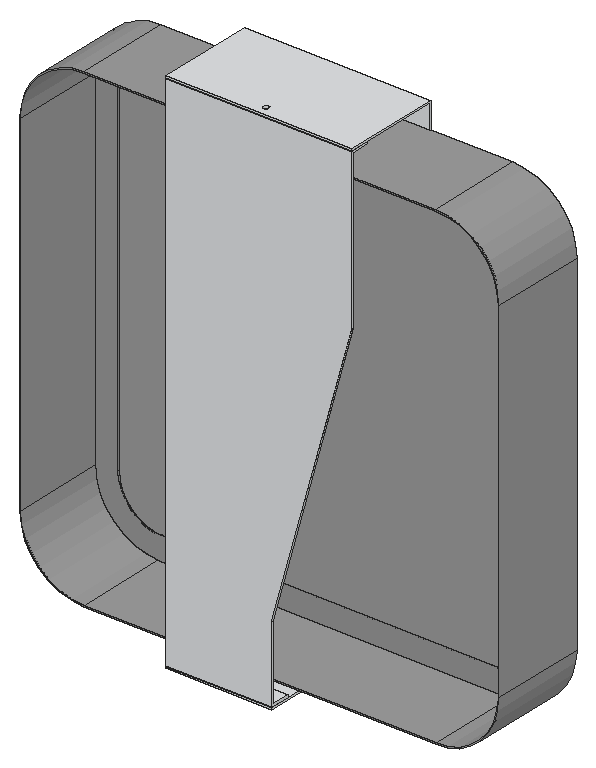
Revit family "Lighting - Lumetta - Sconce - EW517-EWC517-Full", category Lighting Fixtures, host Wall, Revit 2015
Parameters
  Wattage = 12.1178 W
  EWC517 URL [instance] = "https://lumetta.com/luminaires/slice-sconce-with-cradle/"
  built-in parameter 1150110 = 1 (stored number, unit not read)
  URL = "https://lumetta.com/luminaires/slice-sconce/"
  built-in parameter 1114217 = 1 (stored number, unit not read)
  built-in parameter 1150109 = 1 (stored number, unit not read)
  built-in parameter 1150134 = (empty or 0)
  built-in parameter 1150113 = 1 (stored number, unit not read)
  Sconce Front [instance] = 0' - 3 3/4"
  Model = "EW517/EWC517"  # constant formula
  Manufacturer = "Lumetta, Inc."  # constant formula
  Lumens = 1800 lm
  built-in parameter 1150115 = 1 (stored number, unit not read)
  built-in parameter 1150105 = 143.24 (stored number, unit not read)
  Light Source Symbol Size = 0' - 2"
  built-in parameter 1150137 = (empty or 0)
  built-in parameter 1150139 = (empty or 0)
  built-in parameter 1150112 = 1 (stored number, unit not read)
  built-in parameter 1150114 = 1 (stored number, unit not read)
  built-in parameter 1150132 = 2
  built-in parameter 1150102 = (empty or 0)
  built-in parameter 1150138 = (empty or 0)
  built-in parameter 1150107 = 3000 (stored number, unit not read)
  built-in parameter 1150106 = 1.4324 (stored number, unit not read)
  Frame Finish [instance] = Paint - Lumetta - F11 - PC_White
  Fixture-TOP [instance] = 0' - 9 29/32"
  Fixture-BTM [instance] = 0' - 9 29/32"
  built-in parameter 1150104 = 13.8 (stored number, unit not read)
  EWC517 (Cradle) [instance] = yes
  EW517 URL [instance] = "https://lumetta.com/luminaires/slice-sconce/"
  EW517 [instance] = not([EWC517 (Cradle)])  # no
  Dimming Lamp Color Temperature Shift = (empty or 0)
  Diffuser Material-Sides [instance] = EW517-EWC517 Tech - D795 Grey - Side
  Diffuser Material-Front [instance] = EW517-EWC517 Tech - D795 Grey - Front
  Description = "Slice Sconce - Unbound and Cradle"  # constant formula
  Color Filter = 16777215
  built-in parameter 1114218 = 1 (stored number, unit not read)
  built-in parameter 1150133 = 10 (stored number, unit not read)
Reference planes (in)
  plane 1: y = 0
  plane 2 "Light Source Axis (F/B)": y = 4
  plane 3 "Light Source Axis (L/R)": x = -1.43133
  plane 4 "Light Source Elevation": z = 77.42225
  plane 5 "Sconce-BTM": z = 67.516
  plane 6 "Sconce-TOP": z = 87.3285
  plane 7 "Wall-Face": y = 3.0625
  plane 8 "Sconce Front": y = 6.8125
Forms (in)
  Extrusion 1, solid, material "Paint - Lumetta - F11 - PC_White" <- "Frame Finish", visible <- "EWC517 (Cradle)"
    sketch origin (-7.75, 3.0625, 0) x (-1, 0, 0) y (0, 0, 1)
      loop
        line (-9.81867, 87.3285) -> (-9.81867, 81.32855) -> (-6.81867, 70.42225) -> (-6.81867, 67.516) -> (-2.81867, 67.516) -> (-2.81867, 87.3285) -> (-9.81867, 87.3285)
    from 0 to 0.05497
  Extrusion 2, solid, material "Paint - Lumetta - F11 - PC_White" <- "Frame Finish", visible <- "EWC517 (Cradle)"
    sketch origin (0, 3.0625, 0) x (-1, 0, 0) y (0, 0, 1)
      loop
        line (-2.06867, 87.42225) -> (-2.06867, 81.42225) -> (0.93133, 67.42225) -> (4.93133, 67.42225) -> (4.93133, 87.42225) -> (-2.06867, 87.42225)
    from 3.69542 to 3.75
  Extrusion 3, solid, material "EW517-EWC517 Tech - D795 Grey - Side" <- "Diffuser Material-Sides"
    sketch origin (0, 6.8125, 0) x (0, 0, 1) y (-1, 0, 0)
      loop
        arc (70.79725, 10.43133) -> (69.11787, 9.7357) -> (68.42225, 8.05633) r 2.375
        line (68.42225, 8.05633) -> (68.42225, -5.19367)
        arc (68.42225, -5.19367) -> (69.11787, -6.87305) -> (70.79725, -7.56867) r 2.375
        line (70.79725, -7.56867) -> (84.04725, -7.56867)
        arc (84.04725, -7.56867) -> (85.72663, -6.87305) -> (86.42225, -5.19367) r 2.375
        line (86.42225, -5.19367) -> (86.42225, 8.05633)
        arc (86.42225, 8.05633) -> (85.72663, 9.7357) -> (84.04725, 10.43133) r 2.375
        line (84.04725, 10.43133) -> (70.79725, 10.43133)
      loop
        line (68.391, 8.05633) -> (68.391, -5.19367)
        arc (68.391, -5.19367) -> (69.09577, -6.89515) -> (70.79725, -7.59992) r 2.40625
        line (70.79725, -7.59992) -> (84.04725, -7.59992)
        arc (84.04725, -7.59992) -> (85.74873, -6.89515) -> (86.4535, -5.19367) r 2.40625
        line (86.4535, -5.19367) -> (86.4535, 8.05633)
        arc (86.4535, 8.05633) -> (85.74873, 9.7578) -> (84.04725, 10.46258) r 2.40625
        line (84.04725, 10.46258) -> (70.79725, 10.46258)
        arc (70.79725, 10.46258) -> (69.09577, 9.7578) -> (68.391, 8.05633) r 2.40625
    from 0.05458 to 3.69503
  Extrusion 4, solid, material "EW517-EWC517 Tech - D795 Grey - Front" <- "Diffuser Material-Front"
    sketch origin (0, 6.8125, 0) x (0, 0, 1) y (-1, 0, 0)
      loop
        line (86.42225, -5.19367) -> (86.42225, 8.05633)
        arc (86.42225, 8.05633) -> (85.72663, 9.7357) -> (84.04725, 10.43133) r 2.375
        line (84.04725, 10.43133) -> (70.79725, 10.43133)
        arc (70.79725, 10.43133) -> (69.11787, 9.7357) -> (68.42225, 8.05633) r 2.375
        line (68.42225, 8.05633) -> (68.42225, -5.19367)
        arc (68.42225, -5.19367) -> (69.11787, -6.87305) -> (70.79725, -7.56867) r 2.375
        line (70.79725, -7.56867) -> (84.04725, -7.56867)
        arc (84.04725, -7.56867) -> (85.72663, -6.87305) -> (86.42225, -5.19367) r 2.375
    from 0.05458 to 0.17725
  Extrusion 5, solid, material "Paint - Lumetta - F11 - PC_White" <- "Frame Finish", visible <- "EWC517 (Cradle)"
    sketch origin (-1.43133, 0, 0) x (0, -1, 0) y (0, 0, 1)
      loop
        line (-6.8125, 87.42225) -> (-6.8125, 87.35975) -> (-3.0625, 87.35975) -> (-3.0625, 87.42225) -> (-6.8125, 87.42225)
      loop
        line (-3.0625, 87.3285) -> (-3.8125, 87.3285) -> (-3.8125, 87.26458) -> (-3.0625, 87.26458) -> (-3.0625, 87.3285)
    from -3.5 to 3.5
  Extrusion 6, solid, material "Paint - Lumetta - F11 - PC_White" <- "Frame Finish", visible <- "EWC517 (Cradle)"
    sketch origin (-1.43133, 0, 0) x (0, -1, 0) y (0, 0, 1)
      loop
        line (-3.0625, 67.516) -> (-3.0625, 67.59056) -> (-3.8125, 67.59056) -> (-3.8125, 67.516) -> (-3.0625, 67.516)
      loop
        line (-6.8125, 67.42225) -> (-3.0625, 67.42225) -> (-3.0625, 67.48475) -> (-6.8125, 67.48475) -> (-6.8125, 67.42225)
    from -0.5 to 3.5
  Revolve 7, void
    sketch origin (-1.43133, 0, 0) x (0, -1, 0) y (0, 0, 1)
      loop
        line (-3.4375, 67.42225) -> (-3.32813, 67.42225) -> (-3.32813, 67.59056) -> (-3.4375, 67.59056) -> (-3.4375, 67.42225)
      loop
        line (-3.4375, 87.26458) -> (-3.32813, 87.26458) -> (-3.32813, 87.42225) -> (-3.4375, 87.42225) -> (-3.4375, 87.26458)
      axis (-3.4375, 87.42225) -> (-3.4375, 67.42225)
    angle from 0 to 360
  Extrusion 8, solid, material "Paint - Lumetta - F11 - PC_White" <- "Frame Finish", visible <- "EW517"
    sketch origin (0, 3.0625, 0) x (-1, 0, 0) y (0, 0, 1)
      loop
        arc (-5.19367, 86.42225) -> (-6.87305, 85.72663) -> (-7.56867, 84.04725) r 2.375
        line (-7.56867, 84.04725) -> (-7.56867, 70.80166)
        arc (-7.56867, 70.80166) -> (-6.87305, 69.12228) -> (-5.19367, 68.42666) r 2.375
        line (-5.19367, 68.42666) -> (8.05633, 68.42666)
        arc (8.05633, 68.42666) -> (9.7357, 69.12228) -> (10.43133, 70.80166) r 2.375
        line (10.43133, 70.80166) -> (10.43133, 84.04725)
        arc (10.43133, 84.04725) -> (9.7357, 85.72663) -> (8.05633, 86.42225) r 2.375
        line (8.05633, 86.42225) -> (-5.19367, 86.42225)
    from 0 to 0.05497
  Extrusion 9, solid, material "Glass, Cast, Gray"
    sketch origin (0, 6.8125, 0) x (0, 0, 1) y (-1, 0, 0)
      loop
        line (86.42225, -5.06867) -> (86.42225, 7.93133)
        arc (86.42225, 7.93133) -> (85.69002, 9.69909) -> (83.92225, 10.43133) r 2.5
        line (83.92225, 10.43133) -> (70.92225, 10.43133)
        arc (70.92225, 10.43133) -> (69.15448, 9.69909) -> (68.42225, 7.93133) r 2.5
        line (68.42225, 7.93133) -> (68.42225, -5.06867)
        arc (68.42225, -5.06867) -> (69.15448, -6.83644) -> (70.92225, -7.56867) r 2.5
        line (70.92225, -7.56867) -> (83.92225, -7.56867)
        arc (83.92225, -7.56867) -> (85.69002, -6.83644) -> (86.42225, -5.06867) r 2.5
      loop
        line (70.92225, -6.69367) -> (83.92225, -6.69367)
        arc (83.92225, -6.69367) -> (85.0713, -6.21772) -> (85.54725, -5.06867) r 1.625
        line (85.54725, -5.06867) -> (85.54725, 7.93133)
        arc (85.54725, 7.93133) -> (85.0713, 9.08037) -> (83.92225, 9.55633) r 1.625
        line (83.92225, 9.55633) -> (70.92225, 9.55633)
        arc (70.92225, 9.55633) -> (69.7732, 9.08037) -> (69.29725, 7.93133) r 1.625
        line (69.29725, 7.93133) -> (69.29725, -5.06867)
        arc (69.29725, -5.06867) -> (69.7732, -6.21772) -> (70.92225, -6.69367) r 1.625
    from 0.17725 to 0.20638
Cuts and joins
  Revolve 7 cuts Extrusion 5
  Revolve 7 cuts Extrusion 6
  joined: Extrusion 1, Extrusion 2, Extrusion 5, Extrusion 6
Text (in)
  text "Placement Side" at (0, 40.15149, 123.01588), in view "Right"
  text "Placement Side" at (-70.3804, 28.46503, 0), in view "Ref. Level"
  text "Placement Side" at (0, 85.69064, 140.59947), in view "Left"
Dimensions and locks (in)
  "Fixture-TOP": plane 4 "Light Source Elevation" to plane 6 "Sconce-TOP"
  "Fixture-BTM": plane 5 "Sconce-BTM" to plane 4 "Light Source Elevation"
  plane 6 "Sconce-TOP" to plane 4 "Light Source Elevation" = 0' - 9 29/32"
  plane 5 "Sconce-BTM" to plane 4 "Light Source Elevation" = 0' - 9 29/32"
  "Fixture-TOP": plane 4 "Light Source Elevation" to Extrusion 1
  "Fixture-BTM": Extrusion 1 to plane 4 "Light Source Elevation"
  locked: Extrusion 1 to plane 7 "Wall-Face" at 0.05497
  Extrusion 2 sketch curve to plane 4 "Light Source Elevation" = 0' - 10"
  locked: plane 3 "Light Source Axis (L/R)" to Extrusion 2 sketch curve at 3.5  (x2)
  locked: Extrusion 2 to Extrusion 2 at 0.05458
  "Sconce Front": plane 8 "Sconce Front" to plane 7 "Wall-Face"
  locked: Extrusion 3 to Extrusion 3 at 3.64045
  locked: Extrusion 4 to Extrusion 4 at 0.12267
  locked: plane 4 "Light Source Elevation" to Extrusion 2 sketch curve at 10
  locked: plane 3 "Light Source Axis (L/R)" to Extrusion 1 sketch curve at 3.5
  locked: Extrusion 1 sketch curve to plane 3 "Light Source Axis (L/R)" at 3.5
  locked: plane 4 "Light Source Elevation" to Extrusion 1 sketch curve at 9.90625
  locked: Extrusion 1 sketch curve to plane 4 "Light Source Elevation" at 9.90625
  Extrusion 2 to Extrusion 1 sketch curve = 0' - 3"
  locked: Extrusion 1 to plane 3 "Light Source Axis (L/R)" at 3.5
  locked: plane 3 "Light Source Axis (L/R)" to Extrusion 2 sketch curve at 0.5
  locked: Extrusion 2 sketch curve to Extrusion 2 sketch curve at 6
  locked: Extrusion 5 sketch curve to Extrusion 5 sketch curve at 0.0625
  locked: plane 4 "Light Source Elevation" to Extrusion 5 sketch curve at 10
  locked: Extrusion 2 to Extrusion 5 sketch curve at 3.75
  locked: Extrusion 5 sketch curve to plane 7 "Wall-Face" at 0.75
  locked: plane 6 "Sconce-TOP" to Extrusion 5 sketch curve at 0.06392
  locked: Extrusion 5 sketch curve to plane 6 "Sconce-TOP" at 0
  locked: Extrusion 6 sketch curve to Extrusion 6 sketch curve at 0.0625
  locked: Extrusion 6 sketch curve to Extrusion 6 sketch curve at 0.07456
  locked: Extrusion 6 sketch curve to Extrusion 6 sketch curve at 0.75
  Revolve 7 sketch curve to Revolve 7 sketch curve = 0' - 0 7/64"  (x2)
  locked: plane 3 "Light Source Axis (L/R)" to Extrusion 8 sketch curve at 9
  locked: Extrusion 8 sketch curve to plane 3 "Light Source Axis (L/R)" at 9
  locked: plane 4 "Light Source Elevation" to Extrusion 8 sketch curve at 9
  locked: Extrusion 8 sketch curve to plane 4 "Light Source Elevation" at 8.99559
  locked: Extrusion 8 to plane 7 "Wall-Face" at 0.05497
  locked: Extrusion 5 sketch curve to plane 7 "Wall-Face" at 3.75
  locked: Extrusion 5 sketch curve to plane 7 "Wall-Face" at 0
  locked: Extrusion 6 sketch curve to plane 7 "Wall-Face" at 0
  locked: Extrusion 6 sketch curve to plane 7 "Wall-Face" at 3.75
  locked: cut or joined group of Extrusion 1, Extrusion 2, Extrusion 5, Extrusion 6, Revolve 7 to plane 7 "Wall-Face" at 0
  locked: plane 3 "Light Source Axis (L/R)" to Extrusion 9 sketch curve at 9  (x2)
  locked: plane 4 "Light Source Elevation" to Extrusion 9 sketch curve at 9
  locked: Extrusion 9 sketch curve to plane 4 "Light Source Elevation" at 9
  locked: Extrusion 9 to Extrusion 9 at 0.02913
  aligned: level to host wall
  aligned and locked: plane 3 "Light Source Axis (L/R)" to imposter light
  aligned and locked: plane 2 "Light Source Axis (F/B)" to imposter light
  aligned and locked: plane 4 "Light Source Elevation" to imposter light
  aligned and locked: host wall to plane 7 "Wall-Face"
  aligned and locked: Extrusion 3 to Extrusion 1
  aligned and locked: Extrusion 3 to Extrusion 4
  aligned and locked: Extrusion 2 to Extrusion 3
  aligned and locked: Extrusion 1 to Extrusion 5
  aligned and locked: Extrusion 5 to Extrusion 1
  aligned and locked: Extrusion 1 to Extrusion 6
  aligned and locked: Extrusion 6 to Extrusion 1
  aligned and locked: Extrusion 6 to Revolve 7 sketch curve
  aligned and locked: Revolve 7 sketch curve to Revolve 7 sketch curve
  aligned and locked: cut or joined group of Extrusion 1, Extrusion 2, Extrusion 5, Extrusion 6, Revolve 7 to Revolve 7 sketch curve
